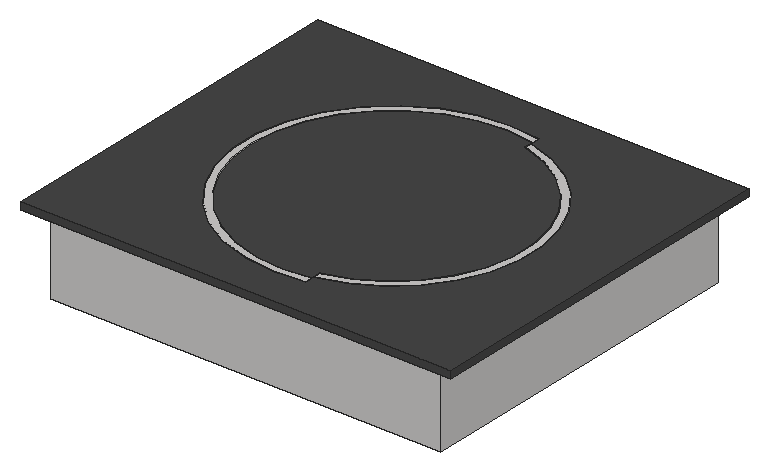
Revit family "QF_Vollrath_5950170", category Specialty Equipment, Revit 2016
Family settings
  Part Type = Normal
  Round Connector Dimension = Use Diameter
  OmniClass Number = 23.40.40.14.17.14
  OmniClass Title = Hot Plates
  Work Plane-Based = No
  Always vertical = Yes
  Cut with Voids When Loaded = No
  Shared = No
  Room Calculation Point = No
Parameters (values of type "5950170")
  Weight in Pounds = 12
  Watts = 700 W
  Watermarked By = "http://revitwatermark.com"
  Volts = 120 V
  URL Cutsheet = ""
  URL = "www.vollrathco.com"
  Status [instance] = ""
  Specification by User [instance] = ""
  Specification by Manufacturer = ""
  Serial Number [instance] = ""
  Seismic Rating [instance] = ""
  Revision Code [instance] = ""
  Phase = 1
  Number of Poles [instance] = 1
  NAFEM Spec ID Number [instance] = ""
  Model = "5950170"
  Masterspec = ""
  Manufacturer = "Vollrath"
  Item Number [instance] = "-"
  Installed By [instance] = ""
  Height AFF [instance] = 2' - 11"
  Furnished By [instance] = ""
  Foodservice Equipment Identifier [instance] = yes
  FL Amps = 5.8 A
  Electrical Remarks [instance] = ""
  Electric Connection Type [instance] = ""
  Elec Conn RI Height [instance] = 0' - 0"
  Elec Conn Connection Height [instance] = Height AFF - 0' 2"  # 2' - 9"
  Description = "Induction Warmer, Drop-In"
  Cycle = 60 Hz
  Conn Plug = "NEMA 5-15P"
  CSI MasterFormat = "11 42 13"
  Assembly Code = "E1090320"
  Apparent Power = if(Phase = 3, Volts * FL Amps * 1.73, Volts * FL Amps)  # 696 VA
Reference planes (in)
  plane 1: z = 0
  plane 2 "LEFT": x = 48.3125
  plane 3 "BACK": y = -50.265
  plane 4 "TOP": z = 35
  plane 5 "FRONT": y = -62.765
  plane 6: y = -47.265
  plane 7 "Right": x = 62.8125
  plane 8 "Box Bottom": z = 32.125
  plane 9: z = 34.75
  plane 10: x = 49
  plane 11: x = 62.125
  plane 12: y = -50.7025
  plane 13: y = -62.3275
  plane 14 "Bottom Clearance": z = 31.125
Forms (in)
  Extrusion 1, solid, material "QF_Finishes_Stainless Steel"
    sketch origin (0, 0, 0) x (1, 0, 0) y (0, 1, 0)
      loop
        line (49, -50.7025) -> (49, -62.3275) -> (62.125, -62.3275) -> (62.125, -50.7025) -> (49, -50.7025)
    from 32.125 to 34.75
  Extrusion 2, solid, material "QF_Finishes_Glazed Black"
    sketch origin (0, 0, 0) x (1, 0, 0) y (0, 1, 0)
      loop
        line (48.3125, -50.265) -> (48.3125, -62.765) -> (62.8125, -62.765) -> (62.8125, -50.265) -> (48.3125, -50.265)
      loop
        arc (56.8375, -51.61896) -> (50.8416, -56.51375) -> (56.8375, -61.40854) r 4.9959
        line (56.8375, -61.40854) -> (56.8375, -61.15248)
        arc (56.8375, -61.15248) -> (51.0922, -56.51375) -> (56.8375, -51.87502) r 4.7453
        line (56.8375, -51.87502) -> (56.8375, -51.61896)
      loop
        arc (56.8375, -61.08836) -> (60.52013, -56.51375) -> (56.8375, -51.93914) r 4.68263
        line (56.8375, -51.93914) -> (56.8375, -52.19616)
        arc (56.8375, -52.19616) -> (60.26939, -56.51375) -> (56.8375, -60.83134) r 4.43189
        line (56.8375, -60.83134) -> (56.8375, -61.08836)
    from 34.75 to 35
  Extrusion 3, solid, material "QF_Finishes_Stainless Steel"
    sketch origin (0, -0.5, 0) x (1, 0, 0) y (0, 1, 0)
      loop
        line (56.8375, -60.90854) -> (56.8375, -60.65248)
        arc (56.8375, -60.65248) -> (51.0922, -56.01375) -> (56.8375, -51.37502) r 4.7453
        line (56.8375, -51.37502) -> (56.8375, -51.11896)
        arc (56.8375, -51.11896) -> (50.8416, -56.01375) -> (56.8375, -60.90854) r 4.9959
      loop
        line (56.8375, -51.43914) -> (56.8375, -51.69616)
        arc (56.8375, -51.69616) -> (60.26939, -56.01375) -> (56.8375, -60.33134) r 4.43189
        line (56.8375, -60.33134) -> (56.8375, -60.58836)
        arc (56.8375, -60.58836) -> (60.52013, -56.01375) -> (56.8375, -51.43914) r 4.68263
    from 34.75 to 35
  Extrusion 4, solid, material "QF_Finishes_Clearances", detail levels coarse
    sketch origin (0, 0, 0) x (1, 0, 0) y (0, 1, 0)
      loop
        line (48.3125, -47.265) -> (48.3125, -50.265) -> (62.8375, -50.265) -> (62.8375, -47.265) -> (48.3125, -47.265)
    from 31.125 to 35
  Extrusion 5, solid, material "QF_Finishes_Clearances", detail levels coarse
    sketch origin (0, 0, 31.125) x (0, -1, 0) y (1, 0, 0)
      loop
        line (50.265, 49) -> (62.3275, 49) -> (62.3275, 62.125) -> (50.265, 62.125) -> (50.265, 49)
    from 0 to 1
  Extrusion 6, solid, material "QF_Finishes_Clearances", detail levels coarse
    sketch origin (0, 0, 32.125) x (0, -1, 0) y (1, 0, 0)
      loop
        line (50.64, 48.875) -> (62.39, 48.875) -> (62.39, 62.25) -> (50.64, 62.25) -> (50.64, 48.875)
      loop
        line (62.3275, 62.1875) -> (50.7025, 62.1875) -> (50.7025, 48.9375) -> (62.3275, 48.9375) -> (62.3275, 62.1875)
    from 0 to 2.625
Lines and regions (in)
  symbolic lines
    curve 1: line (62.8125, -50.265, 0) -> (48.3125, -50.265, 0)
    curve 2: line (62.8125, -62.765, 0) -> (62.8125, -50.265, 0)
    curve 3: line (48.3125, -62.765, 0) -> (62.8125, -62.765, 0)
    curve 4: line (48.3125, -50.265, 0) -> (48.3125, -62.765, 0)
  model lines, style "QF_Cutout"
    curve 5: line (48.875, -50.64, 35) -> (48.875, -50.64, 41)
    curve 6: line (62.25, -50.64, 35) -> (62.25, -50.64, 41)
    curve 7: line (48.875, -62.39, 35) -> (48.875, -62.39, 41)
    curve 8: line (62.25, -62.39, 35) -> (62.25, -62.39, 41)
  symbolic lines, style "QF_Clearances"
    curve 9: line (48.3125, -47.265, 32.125) -> (62.8375, -47.265, 32.125)
  symbolic lines, style "SpecialityEquipment"
    curve 10: line (56.8375, -51.61896, 32.125) -> (56.8375, -51.87502, 32.125)
    curve 11: arc (56.8375, -61.15248, 32.125) -> (51.0922, -56.51375, 32.125) -> (56.8375, -51.87502, 32.125) r 4.7453
    curve 12: arc (56.8375, -51.61896, 32.125) -> (50.8416, -56.51375, 32.125) -> (56.8375, -61.40854, 32.125) r 4.9959
    curve 13: arc (56.8375, -61.08836, 32.125) -> (60.52013, -56.51375, 32.125) -> (56.8375, -51.93914, 32.125) r 4.68263
    curve 14: line (56.8375, -52.19616, 32.125) -> (56.8375, -51.93914, 32.125)
    curve 15: arc (56.8375, -52.19616, 32.125) -> (60.26939, -56.51375, 32.125) -> (56.8375, -60.83134, 32.125) r 4.43189
    curve 16: line (56.8375, -61.08836, 32.125) -> (56.8375, -60.83134, 32.125)
    curve 17: line (56.8375, -61.15248, 32.125) -> (56.8375, -61.40854, 32.125)
Dimensions and locks (in)
  locked: plane 3 "BACK" to plane 6 at 3
  locked: plane 12 to plane 3 "BACK" at 0.4375
  locked: plane 13 to plane 5 "FRONT" at 0.4375
  locked: plane 14 "Bottom Clearance" to plane 8 "Box Bottom" at 1
  locked: plane 2 "LEFT" to plane 7 "Right" at 14.5
  locked: plane 2 "LEFT" to plane 10 at 0.6875
  locked: plane 11 to plane 7 "Right" at 0.6875
  locked: plane 5 "FRONT" to plane 3 "BACK" at 12.5
  locked: plane 4 "TOP" to plane 9 at 0.25
  locked: plane 4 "TOP" to plane 8 "Box Bottom" at 2.875
  "Height AFF": plane 4 "TOP" to level
  locked: Extrusion 6 sketch curve to plane 3 "BACK" at 0.375
  locked: Extrusion 6 sketch curve to plane 5 "FRONT" at 0.375
  locked: plane 2 "LEFT" to Extrusion 6 sketch curve at 0.5625
  Extrusion 6 sketch curve to plane 7 "Right" = 0' - 0 9/16"
  locked: Extrusion 6 sketch curve to Extrusion 6 sketch curve at 0.0625  (x4)
  aligned and locked: level to plane 1
  aligned and locked: plane 8 "Box Bottom" to Extrusion 1
  aligned and locked: Extrusion 2 to plane 9
  aligned and locked: Extrusion 3 to plane 9
  aligned: Extrusion 2 to plane 12
  aligned and locked: plane 4 "TOP" to Extrusion 2
  aligned and locked: plane 4 "TOP" to Extrusion 3
  aligned and locked: plane 4 "TOP" to Extrusion 4
  aligned: plane 8 "Box Bottom" to Extrusion 4
  aligned and locked: plane 14 "Bottom Clearance" to Extrusion 4
  aligned and locked: plane 3 "BACK" to Extrusion 2 sketch curve
  aligned and locked: plane 2 "LEFT" to Extrusion 2 sketch curve
  aligned and locked: plane 5 "FRONT" to Extrusion 2 sketch curve
  aligned and locked: plane 7 "Right" to Extrusion 2 sketch curve
  aligned and locked: plane 9 to Extrusion 6
  aligned and locked: curve 9 to plane 6
  aligned and locked: plane 9 to Extrusion 1
Automatic sketch dimensions
  curve 1 to plane 2 "LEFT" = 0' - 0"
  curve 3 to plane 5 "FRONT" = 0' - 0"
  curve 3 to plane 7 "Right" = 0' - 0"
  plane 3 "BACK" to curve 1 = 0' - 0"
  Extrusion 1 sketch curve to plane 10 = 0' - 0"
  Extrusion 1 sketch curve to plane 11 = 0' - 0"
  Extrusion 1 sketch curve to plane 13 = 0' - 0"
  plane 12 to Extrusion 1 sketch curve = 0' - 0"
  Extrusion 4 sketch curve to plane 2 "LEFT" = 0' - 0"
  plane 3 "BACK" to Extrusion 4 sketch curve = 0' - 0"
  Extrusion 4 sketch curve to plane 6 = 0' - 0"
  Extrusion 4 sketch curve to plane 7 "Right" = 0' - 0.025"
  plane 3 "BACK" to Extrusion 5 sketch curve = 0' - 0"
  Extrusion 5 sketch curve to plane 10 = 0' - 0"
  Extrusion 5 sketch curve to plane 13 = 0' - 0"
  Extrusion 5 sketch curve to plane 11 = 0' - 0"
  plane 11 to Extrusion 2 sketch curve = 0' - 5.2875"
  plane 13 to Extrusion 2 sketch curve = 0' - 1.17502"
  Extrusion 2 sketch curve to Extrusion 2 sketch curve = 0' - 0"  (x8)
  Extrusion 2 sketch curve to Extrusion 2 sketch curve = 0' - 0.25606"
  Extrusion 2 sketch curve to Extrusion 2 sketch curve = 0' - 0.06413"
  Extrusion 2 sketch curve to Extrusion 2 sketch curve = 0' - 0.25701"
  plane 12 to Extrusion 2 sketch curve = 0' - 0.91646"
  Extrusion 2 sketch curve to Extrusion 2 sketch curve = 0' - 1"  (x2)
  Extrusion 3 sketch curve to Extrusion 3 sketch curve = 0' - 0"  (x8)
  plane 10 to Extrusion 3 sketch curve = 0' - 6.8375"
  plane 12 to Extrusion 3 sketch curve = 0' - 0.91646"
  Extrusion 3 sketch curve to Extrusion 3 sketch curve = 0' - 1"  (x2)
  plane 13 to Extrusion 3 sketch curve = 0' - 1.17502"
  Extrusion 3 sketch curve to Extrusion 3 sketch curve = 0' - 0.25606"
  Extrusion 3 sketch curve to Extrusion 3 sketch curve = 0' - 0.06413"
  Extrusion 3 sketch curve to Extrusion 3 sketch curve = 0' - 0.25701"
  Extrusion 6 to curve 5 = 0' - 0"
  Extrusion 6 to curve 6 = 0' - 0"
  curve 5 to Extrusion 6 = 0' - 6 1/4"
  curve 6 to Extrusion 6 = 0' - 6 1/4"
  curve 6 to Extrusion 6 = 0' - 0 1/4"
  curve 5 to Extrusion 6 = 0' - 0 1/4"
  curve 8 to Extrusion 6 = 0' - 0"
  curve 7 to Extrusion 6 = 0' - 0"
  curve 7 to Extrusion 6 = 0' - 6 1/4"
  curve 8 to Extrusion 6 = 0' - 6 1/4"
  curve 8 to Extrusion 6 = 0' - 0 1/4"
  curve 7 to Extrusion 6 = 0' - 0 1/4"
  curve 9 to plane 2 "LEFT" = 0' - 0"
  plane 7 "Right" to curve 9 = 0' - 0.025"
  curve 10 to plane 12 = 0' - 0.91646"
  curve 10 to curve 11 = 0' - 0.25606"
  curve 11 to plane 13 = 0' - 1.17502"
  curve 10 to plane 11 = 0' - 5.2875"
  curve 10 to curve 11 = 0' - 1"
  curve 11 to curve 12 = 0' - 0"  (x2)
  curve 11 to curve 12 = 0' - 0.25606"
  curve 11 to curve 13 = 0' - 0"  (x2)
  curve 10 to curve 13 = 0' - 0.06413"
  curve 13 to curve 11 = 0' - 0.06413"
  curve 14 to curve 10 = 0' - 0"
  curve 11 to curve 15 = 0' - 0"  (x2)
  curve 15 to curve 13 = 0' - 0.25701"
